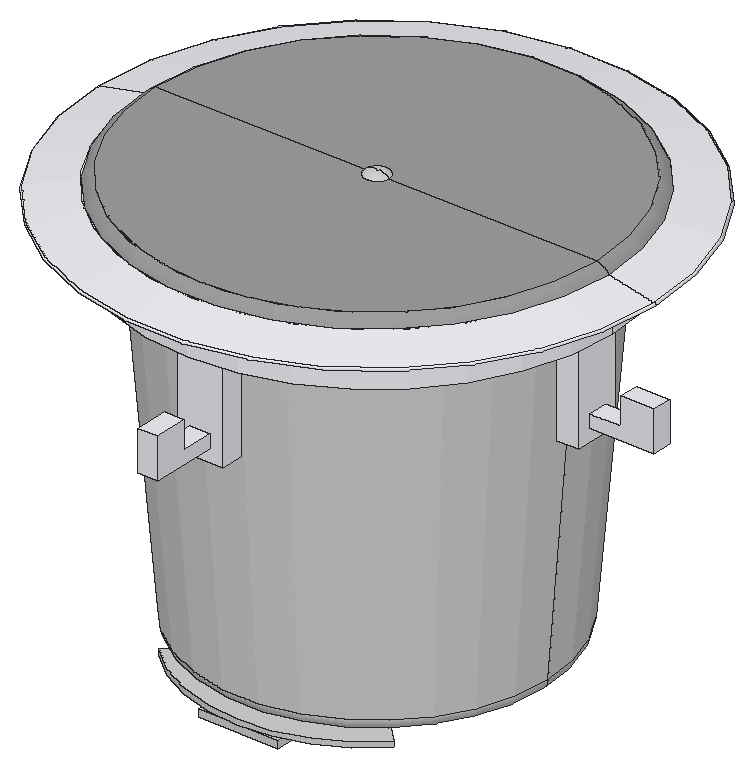
Revit family "Atlas_Sound_FAP42T", category Communication Devices, Revit 2026
Family settings
  Round Connector Dimension = Use Diameter
  Part Type = Normal
  Work Plane-Based = Yes
  Always vertical = No
  Cut with Voids When Loaded = No
  Maintain Annotation Orientation = No
  Shared = No
  Room Calculation Point = No
Parameters (values of type "Two Way, Full Range, Coaxial Ceiling Loudspeaker")
  Woofer Impedence = "4\" Poly Cone with Butyl Rubber Surround"
  Width = 10.50"
  Weight Dimensional = 22.83
  Warranty = "5 Year"
  Vertical Symmetry = yes
  URL = "www.atlassound.com"
  Transformer Option = yes
  Specification by User (default) = "TBD"
  Speaker Type = "S1"
  Speaker Listening Height [instance] = 30.00"
  Speaker Height [instance] = 120.00"
  Speaker Dispersion = 130.00°
  Speaker Cone Visible [instance] = no
  Speaker Cone Height [instance] = (Speaker Height - Speaker Listening Height)  # 90.00"
  Sensitivity = 88
  ScheduleType |RF| = "AtlasIED Master"
  Safety Features = "1 Safety Hang Point"
  Safety Agency Ratings = "UL Listed to Comply with UL1480, UL2043 and CSA60065. Suitable for Use in Air Handling Spaces per NFPA 70 and NFPA 90"
  SPL Max = 107
  Regulatory Compliance = "UL Listed to Comply with UL1480, UL2043 and CSA60065. Suitable for Use in Air Handling Spaces per NFPA 70 and NFPA 90"
  Radius of Speaker Cone [instance] = (Speaker Cone Height) * tan(Speaker Dispersion / 2)  # 193.00562"
  Product Page URL = "www.atlasied.com/fap42t"
  Product Documentation Link = "www.atlasied.com/f/1799/ATS001159%20FAP42T%20Datasheet%20RevG.pdf"
  Power Rating (RMS) = "25 Watts"
  Power Handling = 25
  OmniClass Title = "SPEAKERS"
  OmniClass Number = "23-37 17 13 19"
  Mounting/Rigging Provisions = "Patented Safety First Mounting System"
  Mount Material = QF_Plastic - White - Smooth
  Model = "FAP42T"
  MaterFormat Title = "SPEAKERS"
  MasterFormat = "27 41 13"
  Market = "Commercial, Higher Education, Emergency"
  Manufacturer URL = "www.atlasied.com/\",\"https://www.atlasied.com"
  Manufacturer Phone = "(800) 876 - 3333"
  Manufacturer Email = "support@atlasied.com"
  Manufacturer Address = "4545 E. Baseline Rd., Phoenix, AZ 85042"
  Manufacturer = "ATLAS SOUND"
  Ingress Protection = "IP-21"
  Impedance = 8
  IQ Category = "SPEAKERS"
  Horizontal Symmetry = yes
  Height = 8.76"
  HF Driver = "Coaxially Mounted PEI Dome Tweeter"
  Grill Material = QF_Plastic - Black - Fine Textured
  Frequency Response  = "75Hz - 20kHz"
  Family Version [instance] = "2017-01"
  Family Code (default) = "LOUD SPEAKERS"
  Enclosure Material = none
  Dispersion Angle = 130.00°
  Description = "4\" IN-CEILING LOUDSPEAKER WITH 16-WATT 70/100V TRANSFORMER AND PORTED ENCLOSURE - BLACK"
  Depth = 10.50"
  Default Elevation = 48.00"
  Cutout Diameter = 9
  Coverage Vertical = 110.00°
  Coverage Horizontal = 110.00°
  Cost MSRP = 116.99
  Cost = 116.99
  Color = none
  Body Material = QF_Metal - Stainless - Polished
  Baffle Material = none
Reference planes (in)
  plane 1 "Center (Front/Back)": y = 0
  plane 2: z = 0
  plane 3 "Center (Left/Right)": x = 0
  plane 4: z = 0.55
  plane 5: z = -8.76
  plane 6: y = -5.25
  plane 7: x = -5.25
  plane 8: x = 5.25
  plane 9: z = 0.38172
  plane 10: z = -0.75
  plane 11: x = 4.45
  plane 12: x = -4.45
  plane 13: y = 5.25
Forms (in)
  Revolve 1, solid, material "QF_Plastic - White - Smooth" <- "Mount Material"
    sketch origin (0, 0, 0) x (1, 0, 0) y (0, 0, 1)
      loop
        line (-5.25, 0) -> (-4.45, 0) -> (-4.45, -0.75) -> (0, -0.75) -> (0, 0.21227) -> (-4.36069, 0.21227)
        arc (-4.36069, 0.21227) -> (-4.7924, 0.12916) -> (-5.22241, 0.03769) r 22.63754
        arc (-5.22241, 0.03769) -> (-5.2433, 0.02404) -> (-5.25, 0) r 0.03543
      axis (0, 0.21227) -> (0, -0.75)
    angle from 0 to 360
  Revolve 2, solid, material "QF_Plastic - Black - Fine Textured" <- "Grill Material"
    sketch origin (0, 0, 0) x (1, 0, 0) y (0, 0, 1)
      loop
        line (0, 0.21227) -> (0, 0.38172) -> (0, 0.45737)
        arc (0, 0.45737) -> (-0.12114, 0.44524) -> (-0.225, 0.38172) r 0.27343
        line (-0.225, 0.38172) -> (-4.15874, 0.38172)
        arc (-4.15874, 0.38172) -> (-4.27452, 0.31463) -> (-4.36069, 0.21227) r 0.38882
        line (-4.36069, 0.21227) -> (0, 0.21227)
      axis (0, 0.45737) -> (0, 0.21227)
    angle from 0 to 360
  Revolve 3, solid, material "QF_Metal - Stainless - Polished" <- "Body Material"
    sketch origin (0, 0, 0) x (1, 0, 0) y (0, 0, 1)
      loop
        line (0, -0.75) -> (-3.76526, -0.75) -> (-3.21611, -7.02679)
        arc (-3.21611, -7.02679) -> (-3.15242, -7.17276) -> (-3.01349, -7.25065) r 0.25
        arc (-3.01349, -7.25065) -> (-1.51306, -7.44751) -> (0, -7.47443) r 13.43767
        line (0, -7.47443) -> (0, -0.75)
      axis (0, -0.75) -> (0, -7.47443)
    angle from 0 to 360
  Extrusion 4, solid, material "QF_Plastic - White - Smooth"
    sketch origin (0, 0, -0.75) x (0, 1, 0) y (1, 0, 0)
      loop
        line (0.40934, -4.15655) -> (0.40934, -3.74245) -> (-0.44066, -3.74245) -> (-0.44066, -4.15655) -> (0.40934, -4.15655)
      loop
        line (4.13763, 0.41845) -> (3.72024, 0.41845) -> (3.72024, -0.43155) -> (4.13763, -0.43155) -> (4.13763, 0.41845)
      loop
        line (-4.13763, 0.41845) -> (-4.13763, -0.43155) -> (-3.72024, -0.43155) -> (-3.72024, 0.41845) -> (-4.13763, 0.41845)
      loop
        line (0.40934, 4.15655) -> (-0.44066, 4.15655) -> (-0.44066, 3.74245) -> (0.40934, 3.74245) -> (0.40934, 4.15655)
    from 0 to 1.85886
  Extrusion 5, solid, material "QF_Plastic - White - Smooth"
    sketch origin (-3.78297, -0.44066, -0.75) x (-1, 0, 0) y (0, 0, -1)
      loop
        line (1.59203, 1.61) -> (0.37358, 1.61) -> (0.37358, 1.36) -> (0.96703, 1.36) -> (0.96703, 0.86) -> (1.59203, 0.86) -> (1.59203, 1.61)
      loop
        line (-9.15797, 1.61) -> (-9.15797, 0.86) -> (-8.53297, 0.86) -> (-8.53297, 1.36) -> (-7.93952, 1.36) -> (-7.93952, 1.61) -> (-9.15797, 1.61)
    from -0.2375 to -0.6125
  Extrusion 6, solid, material "QF_Plastic - White - Smooth"
    sketch origin (-0.425, 3.7673, -0.75) x (0, 1, 0) y (0, 0, -1)
      loop
        line (1.59203, 1.61) -> (0.37358, 1.61) -> (0.37358, 1.36) -> (0.96703, 1.36) -> (0.96703, 0.86) -> (1.59203, 0.86) -> (1.59203, 1.61)
      loop
        line (-9.15797, 1.61) -> (-9.15797, 0.86) -> (-8.53297, 0.86) -> (-8.53297, 1.36) -> (-7.93952, 1.36) -> (-7.93952, 1.61) -> (-9.15797, 1.61)
    from -0.2375 to -0.6125
  Extrusion 7, solid, material "QF_Metal - Stainless - Polished"
    sketch origin (-6.66586, -180, -8.76) x (-1, 0, 0) y (0, -1, 0)
      loop
        arc (-4.43618, -177.65197) -> (-6.65155, -176.73434) -> (-8.86692, -177.65197) r 3.133
        line (-8.86692, -177.65197) -> (-7.28455, -179.23434) -> (-6.01855, -179.23434) -> (-4.43618, -177.65197)
    from 1.37374 to 1.27559
  Extrusion 8, solid, material "QF_Metal - Stainless - Polished"
    sketch origin (0.36869, -0.76566, -8.76) x (-1, 0, 0) y (0, 0, 1)
      loop
        line (1.016, 1.27559) -> (-0.26405, 1.27559) -> (-0.26405, 0.25)
        arc (-0.26405, 0.25) -> (-0.19083, 0.07322) -> (-0.01405, 0) r 0.25
        line (-0.01405, 0) -> (0.766, 0)
        arc (0.766, 0) -> (0.94278, 0.07322) -> (1.016, 0.25) r 0.25
        line (1.016, 0.25) -> (1.016, 1.27559)
      loop
        circle (0.37645, 0.37996) r 0.25
    from 0 to 0.13
  Extrusion 9, solid, material "QF_Metal - Stainless - Polished"
    sketch origin (-6.66586, -180, -7.48441) x (0, -1, 0) y (-1, 0, 0)
      loop
        line (-177.87354, -5.91901) -> (-177.86412, -7.41908) -> (-176.74282, -7.4121) -> (-176.75224, -5.91214) -> (-177.87354, -5.91901)
      loop
        line (-178.06464, -7.43003) -> (-178.07418, -5.91139) -> (-178.8591, -5.98561) -> (-178.85043, -7.36558) -> (-178.06464, -7.43003)
    from 0 to 0.13
  Blend 10, solid, material "Glass", visible <- "Speaker Cone Visible"
    base sketch origin (0, 0, 0) x (1, 0, 0) y (0, 1, 0)
      loop
        circle (0, 0.09521) r 193.00562
    top sketch origin (0, 0, 0) x (1, 0, 0) y (0, 1, 0)
      loop
        circle (0, 0.09521) r 0.13513
    from 90 <- "Speaker Cone Height" to 0
Lines and regions (in)
  symbolic lines
    curve 1: circle (0, 0, 0) r 5.25 normal (0, 0, 1)
    curve 2: circle (0, 0, 0) r 0.225 normal (0, 0, 1)
    curve 3: circle (0, 0, 0) r 4.36069 normal (0, 0, 1)
  symbolic lines, style "Sound Projection Average", visible <- "Speaker Cone Visible"
    curve 4: circle (0, 0.09521, 0) r 193.00562 normal (0, 0, 1)
Dimensions and locks (in)
  "Height": plane 2 to plane 5
  level to plane 10 = 0.75"
  plane 12 to plane 11 = 8.90"
  "Width": plane 7 to plane 8
  "Depth": plane 13 to plane 6
  "Radius of Speaker Cone": radius of Blend 10 sketch curve
  aligned and locked: plane 2 to level
  aligned and locked: curve 4 to Blend 10
Automatic sketch dimensions
  Revolve 1 sketch curve to level = 0.00"
  plane 7 to Revolve 1 sketch curve = 0.00"
  plane 12 to Revolve 1 sketch curve = 0.00"
  Revolve 1 sketch curve to plane 3 "Center (Left/Right)" = 0.00"  (x2)
  Revolve 1 sketch curve to plane 10 = 0.00"
  level to Revolve 1 sketch curve = 0.00311"
  Revolve 1 sketch curve to plane 7 = 0.0353"
  Revolve 1 sketch curve to plane 12 = 0.08931"
  Revolve 1 sketch curve to plane 3 "Center (Left/Right)" = 0.29765"
  Revolve 1 sketch curve to plane 5 = 13.29766"
  Revolve 1 sketch curve to plane 9 = 0.16946"
  Revolve 1 sketch curve to plane 4 = 2.31194"
  Revolve 1 sketch curve to Revolve 1 sketch curve = 0.25"
  Revolve 2 sketch curve to plane 9 = 0.00"  (x2)
  Revolve 2 sketch curve to plane 3 "Center (Left/Right)" = 0.00"  (x2)
  Revolve 2 sketch curve to plane 3 "Center (Left/Right)" = 0.034"
  Revolve 2 sketch curve to Revolve 2 sketch curve = 0.225"
  level to Revolve 2 sketch curve = 0.01678"
  Revolve 2 sketch curve to plane 12 = 0.42541"
  Revolve 2 sketch curve to plane 12 = 0.29126"
  Revolve 2 sketch curve to plane 12 = 0.08931"
  Revolve 2 sketch curve to Revolve 2 sketch curve = 0.0262"
  Revolve 2 sketch curve to plane 4 = 2.31194"
  Revolve 2 sketch curve to Revolve 2 sketch curve = 0.25"
  Revolve 3 sketch curve to plane 10 = 0.00"
  Revolve 3 sketch curve to plane 3 "Center (Left/Right)" = 0.00"  (x2)
  Revolve 3 sketch curve to plane 3 "Center (Left/Right)" = 0.51793"
  Revolve 3 sketch curve to plane 12 = 1.48294"
  Revolve 3 sketch curve to Revolve 3 sketch curve = 0.24905"
  Revolve 3 sketch curve to plane 12 = 0.68474"
  plane 5 to Revolve 3 sketch curve = 1.755"
  Revolve 3 sketch curve to Revolve 3 sketch curve = 0.02179"
  plane 5 to Revolve 3 sketch curve = 1.28557"
  Revolve 3 sketch curve to plane 4 = 5.40326"
  Revolve 3 sketch curve to plane 4 = 2.31194"
  Revolve 3 sketch curve to Revolve 3 sketch curve = 0.25"
  Extrusion 4 sketch curve to Revolve 1 = 4.13763"
  Extrusion 4 sketch curve to Extrusion 4 sketch curve = 0.4174"  (x2)
  Extrusion 4 sketch curve to Revolve 1 = 0.44066"  (x2)
  Revolve 1 to Extrusion 4 sketch curve = 0.40934"  (x2)
  Revolve 1 to Extrusion 4 sketch curve = 3.72024"
  Extrusion 4 sketch curve to Extrusion 4 sketch curve = 0.4141"  (x2)
  Extrusion 4 sketch curve to Extrusion 4 sketch curve = 3.324"  (x2)
  Extrusion 4 sketch curve to Extrusion 4 sketch curve = 0.85"  (x2)
  Extrusion 4 sketch curve to Extrusion 4 sketch curve = 3.3109"
  Extrusion 4 to Extrusion 5 sketch curve = 0.00"
  Extrusion 4 to Extrusion 5 sketch curve = 0.24886"  (x2)
  Extrusion 5 sketch curve to Extrusion 4 = 7.899"
  Extrusion 5 sketch curve to Extrusion 5 sketch curve = 0.59345"  (x2)
  Extrusion 5 sketch curve to Extrusion 5 sketch curve = 0.625"  (x2)
  Extrusion 5 sketch curve to Extrusion 5 sketch curve = 0.25"  (x2)
  Extrusion 5 sketch curve to Extrusion 5 sketch curve = 0.75"
  Extrusion 5 sketch curve to Extrusion 5 sketch curve = 0.50"
  Extrusion 6 sketch curve to plane 6 = 0.14066"
  plane 6 to Extrusion 6 sketch curve = 0.48434"
  Extrusion 6 sketch curve to Extrusion 6 sketch curve = 0.59345"
  plane 13 to Extrusion 6 sketch curve = 1.10912"
  plane 13 to Extrusion 6 sketch curve = 0.51566"
  Extrusion 6 sketch curve to plane 13 = 0.10934"
  Extrusion 6 sketch curve to plane 10 = 0.86"  (x2)
  Extrusion 6 sketch curve to Extrusion 6 sketch curve = 0.50"  (x2)
  Extrusion 6 sketch curve to Extrusion 6 sketch curve = 0.25"  (x2)
  plane 3 "Center (Left/Right)" to Extrusion 7 sketch curve = 2.20105"
  plane 3 "Center (Left/Right)" to Extrusion 7 sketch curve = 0.61869"
  Extrusion 7 sketch curve to plane 3 "Center (Left/Right)" = 0.01431"
  Extrusion 7 sketch curve to plane 3 "Center (Left/Right)" = 0.64731"
  Extrusion 7 sketch curve to plane 12 = 2.22032"
  plane 1 "Center (Front/Back)" to Extrusion 7 sketch curve = 0.13266"
  plane 1 "Center (Front/Back)" to Extrusion 7 sketch curve = 0.76566"
  Extrusion 7 sketch curve to Extrusion 7 sketch curve = 1.58237"
  Extrusion 8 sketch curve to Extrusion 7 = 0.00"  (x2)
  Extrusion 8 sketch curve to Extrusion 8 sketch curve = 0.25"
  Extrusion 8 sketch curve to Extrusion 8 sketch curve = 0.38955"
  Extrusion 7 to Extrusion 8 sketch curve = 0.23595"
  Extrusion 8 sketch curve to Extrusion 7 = 0.01405"
  Extrusion 8 sketch curve to Extrusion 7 = 0.89562"
  Extrusion 8 sketch curve to Extrusion 8 sketch curve = 0.12996"
  Extrusion 7 to Extrusion 9 sketch curve = 0.37524"
  Extrusion 7 to Extrusion 9 sketch curve = 0.38391"
  Extrusion 9 sketch curve to Extrusion 9 sketch curve = 0.78492"
  Extrusion 9 sketch curve to Extrusion 9 sketch curve = 0.78579"
  Extrusion 9 sketch curve to Extrusion 9 sketch curve = 0.20064"
  Extrusion 9 sketch curve to Extrusion 9 sketch curve = 0.20052"
  Extrusion 9 sketch curve to Extrusion 9 sketch curve = 1.1213"  (x2)
  Extrusion 7 to Extrusion 9 sketch curve = 0.74459"
  Extrusion 9 sketch curve to Extrusion 9 sketch curve = 0.00075"
  Extrusion 9 sketch curve to Extrusion 9 sketch curve = 0.00762"
  Extrusion 9 sketch curve to Extrusion 9 sketch curve = 0.07422"
  Extrusion 9 sketch curve to Extrusion 9 sketch curve = 1.37997"
  Extrusion 9 sketch curve to Extrusion 9 sketch curve = 1.49996"
  Extrusion 9 sketch curve to Extrusion 9 sketch curve = 0.05349"
  Extrusion 9 sketch curve to Extrusion 9 sketch curve = 0.01095"
  Blend 10 sketch curve to plane 3 "Center (Left/Right)" = 0.00"  (x2)
  Blend 10 sketch curve to plane 1 "Center (Front/Back)" = 0.09521"  (x2)
  curve 1 to curve 2 = 0.00"  (x2)
  curve 1 to curve 3 = 0.00"
  curve 2 to curve 3 = 0.00"
  plane 1 "Center (Front/Back)" to curve 2 = 0.00"
  curve 2 to plane 3 "Center (Left/Right)" = 0.00"
  radius of Extrusion 8 sketch curve = 0.25"
  radius of Blend 10 sketch curve = 0.13513"
  radius of curve 1 = 5.25"
  radius of curve 2 = 0.225"
  radius of curve 3 = 4.36069"
Nested families (in)
  nested 1: "Speaker Annotation" at (-0.03268, -0.04045, 0), Speaker Type <- "Speaker Type", type "Data Annotation"
    with Speaker Type "S1"
Definition of nested family "Speaker Annotation"
  Parameters
    Speaker Type [instance] = ""
  Reference planes (in)
    plane 1: y = 0
    plane 2: x = 0
  Lines and regions (in)
    detail lines
      curve 1: circle (-0.00295, 0.00032, 0) r 0.09489 normal (0, 0, 1)
  Text (in)
    label "S1" at (0.00193, -0.00496, 0), shows "Speaker Type"
